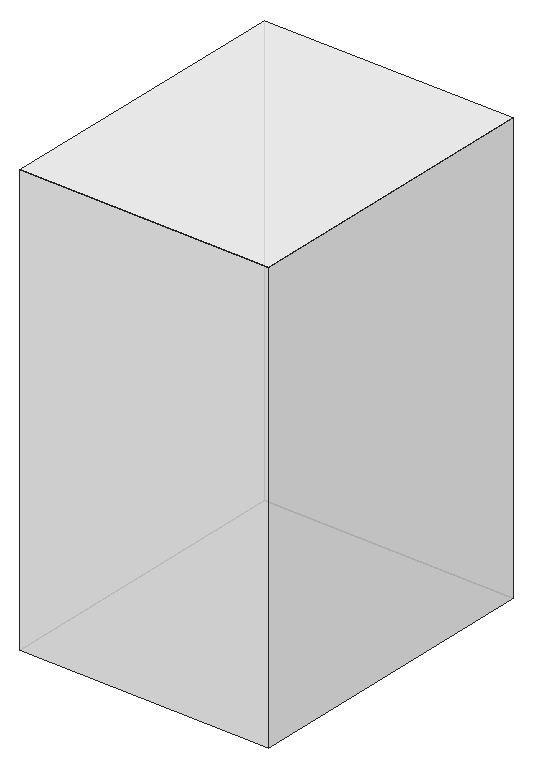
Revit family "00 Programming Block", category Generic Models, Revit 2015
Parameters
  Width [instance] = 2' - 3.3183"
  Target Area [instance] = 0.00 SF
  Space Type [instance] = ""
  Room Name [instance] = ""
  Program Color [instance] = +00 Programming - White
  Length [instance] = 2' - 9 1/2"
  Height [instance] = 3' - 11.2477"
  Department [instance] = ""
  Area Delta [instance] = Actual Area - Target Area  # 6.3553 SF
  Actual Area [instance] = Length * Width  # 6.3553 SF
Reference planes (in)
  plane 1 "Center (Front/Back)": y = 0
  plane 2: z = 0
  plane 3 "Center (Left/Right)": x = 0
  plane 4: x = -13.65915
  plane 5: x = 13.65915
  plane 6: y = 16.75
  plane 7: y = -16.75
  plane 8: z = 47.2477
Forms (in)
  Extrusion 1, solid, material "+00 Programming - White" <- "Program Color"
    sketch origin (0, 0, 0) x (1, 0, 0) y (0, 1, 0)
      loop
        line (-13.65915, 16.75) -> (-13.65915, -16.75) -> (13.65915, -16.75) -> (13.65915, 16.75) -> (-13.65915, 16.75)
    from 0 to 47.2477
Dimensions and locks (in)
  equal spacing: plane 6, plane 1 "Center (Front/Back)", plane 7
  "Length": plane 6 to plane 7
  equal spacing: plane 4, plane 3 "Center (Left/Right)", plane 5
  "Width": plane 4 to plane 5
  "Height": plane 8 to level
  aligned and locked: plane 2 to level
  aligned and locked: Extrusion 1 sketch curve to plane 6
  aligned and locked: Extrusion 1 sketch curve to plane 4
  aligned and locked: Extrusion 1 sketch curve to plane 5
  aligned and locked: plane 7 to Extrusion 1 sketch curve
  aligned and locked: plane 8 to Extrusion 1
